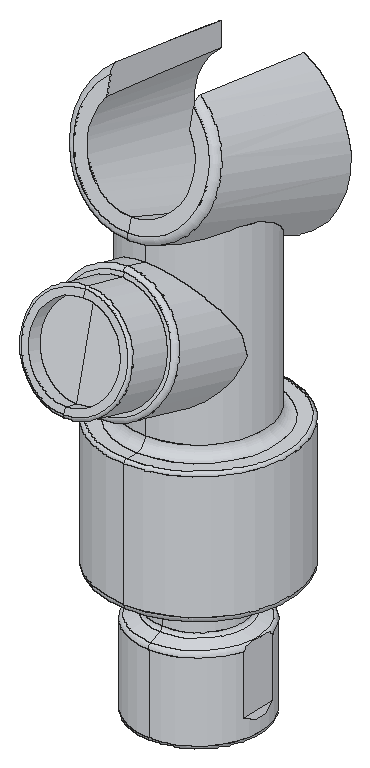
Revit family "Accessory-Handshower_Holder-KOHLER-Awaken-K-98771_1", category Plumbing Fixtures, host Face, Revit 2017
Family settings
  Host = Face
  Round Connector Dimension = Use Diameter
  Part Type = Normal
  OmniClass Number = 23.31.17.00
  OmniClass Title = Showers
  Cut with Voids When Loaded = No
  Shared = No
  Room Calculation Point = No
Parameters (values of type "CP-Polished Chrome")
  Width = 1 3/8"  # constant formula
  WaterSense Certified = 1 = 0  # no
  Waste Water Outlet = "Waste Water Outlet"  # constant formula
  Waste Connection = 1 = 0  # no
  Vent Connection = 1 = 0  # no
  URL = "https://www.us.kohler.com/us/"
  Type = 1
  Tempered Water Inlet = "Tempered Water Inlet"  # constant formula
  Product Page URL = "http://www.us.kohler.com/us/catalog/productDetails.jsp?productId=98771"
  Product Name = "Awaken"  # constant formula
  Product Documentation Link = "https://www.us.kohler.com/webassets/kpna/catalog/pdf/en/K-98771_spec_US-CA_Kohler_en.pdf"
  Pressure = 0.00 psi
  Model = if(Type = 1, "K-98771-CP", if(Type = 2, "K-98771-BN", if(Type = 3, "K-98771-2BZ", "NA")))  # "K-98771-CP"
  Material = "Premium Metal Construction"  # constant formula
  Master Format 2014 Name = "Residential Showers"  # constant formula
  Master Format 2014 = "22 42 23"  # constant formula
  Manufacturer Address = "444 Highland Dr, Kohler, WI 53044"  # constant formula
  Manufacturer = "KOHLER Co."  # constant formula
  Length = 4 3/8"  # constant formula
  Hot Water Inlet = "Hot Water Inlet"  # constant formula
  Height = 1 3/8"  # constant formula
  HW Connection = 1 = 1  # yes
  Flow Rate = 0 GPM
  Finish = Kohler-Metal-CP-Polished_Chrome
  Environmental Product Declaration = ""
  Drain Included = 1 = 0  # no
  Description = "Handshower cradle"  # constant formula
  Default Elevation = 42"
  Declare Label = ""
  Date Modified = "07/07/2020"  # constant formula
  Date Created = "07/07/2020"  # constant formula
  Copyright = "Copyright KOHLER Co."  # constant formula
  Contact Us = "https://www.us.kohler.com/us/static/contact.jsp"
  Cold Water Inlet = "Cold Water Inlet"  # constant formula
  CW Connection = 1 = 0  # no
  Assembly Code = "D2010700"
  ADA Compliant = 1 = 0  # no
Types (4): name | Type | Model | Finish
  (no name) | 1 | "K-98771-CP" | Kohler-Metal-CP-Polished_Chrome
  CP-Polished Chrome | 1 | "K-98771-CP" | Kohler-Metal-CP-Polished_Chrome
  BN-Vibrant Brushed Nickel | 2 | "K-98771-BN" | Kohler-Metal-BN-Vibrant_Brushed_Nickel
  2BZ-Oil Rubbed Bronze | 3 | "K-98771-2BZ" | Kohler-Metal-2BZ-Oil_Rubbed_Bronze
Reference planes (in)
  plane 1 "Center (Front/Back)": y = 0
  plane 2: z = 0
  plane 3 "Center (Left/Right)": x = 0
  plane 4: y = 0.6875
  plane 5: x = -0.3097
  plane 6: x = 0.3097
  plane 7: y = 0.59
  plane 8: x = -0.6875
  plane 9: x = 0.6875
  plane 10: y = -0.6875
  plane 11: y = -1.24677
  plane 12: z = 4.375
  plane 13: through (0, -1.29249, 1.08768) normal (0, 0.9659, -0.2588)
  plane 14: through (0, 0.6875, 3.55345) normal (0, 0.2588, 0.9659)
  plane 15: through (0, -1.29249, 2.34217) normal (0, 0.9659, -0.2588)
  plane 16: through (0, 0.6875, 2.28971) normal (0, 0.309, 0.9511)
  plane 17: z = 0
Dimensions and locks (in)
  "Width": plane 8 to plane 9
  "Height": plane 4 to plane 10
  "Length": plane 17 to plane 12
  aligned and locked: plane 2 to host face
  aligned and locked: level to host face
  aligned and locked: plane 3 "Center (Left/Right)" to nested 1
Automatic sketch dimensions
  host sketch curve to host sketch curve = 96"  (x2)
Nested families (in)
  nested 1: "K-98771" at (0, 0, 0), type "K-98771"
Connectors (in)
  piping at (0, 0, 0), diameter 0.5, driven by "Flow Rate", driven by "HW Connection", driven by "Tempered Water Inlet"
    settings: on nested 1, index 1, connector inside diameter 24", connector length 0", flow factor 0, pipe flow 0 GPM, pressure drop 0.00 psi, fitting loss kfactor 0, connector angle 0.00°, fixture units 0, engagement length 0", angle of deflection 0.00°, flow configuration 0, flow direction 1, fitting loss method 0, system type 19, joint type 0, gender type 0, connector reference index -1, connector utility 1, adjustable connector no, is connector primary yes, connector description "Tempered Water Inlet"
Definition of nested family "K-98771"
  Parameters (values of type "K-98771")
    Material = none
  Reference planes (in)
    plane 1 "Center (Front/Back)": y = 0
    plane 2: z = 0
    plane 3 "Center (Left/Right)": x = 0
    plane 4: z = 4.375
    plane 5: x = -0.6875
    plane 6: x = 0.6875
    plane 7: y = 0.6875
    plane 8: y = -0.6875
    plane 9: z = 0.96272
    plane 10: y = -1.24677
    plane 11: through (0, -1.14685, 2.88572) normal (0, -0.309, -0.9511)
    plane 12: through (0, -1.04684, 3.25896) normal (0, -0.9659, 0.2588)
    plane 13 "A": through (0, -0.42042, 4.34229) normal (0, -0.9659, 0.2588)
    plane 14: through (0, -0.54341, 3.88328) normal (0, -0.2588, -0.9659)
    plane 15: y = 0.59
    plane 16: through (0, 0.09134, 4.30762) normal (0, 0.1476, 0.989)
    plane 17: x = 0.3097
    plane 18: x = -0.3097
    plane 19: z = 0
  Forms (in)
    Revolve 1, solid, material <- "Material", detail levels medium+fine
      sketch origin (0, 0, 0) x (0, 1, 0) y (0, 0, 1)
        loop
          arc (0.43584, 0) -> (0.45481, 0.00786) -> (0.46267, 0.02683) r 0.02683
          line (0.46267, 0.02683) -> (0.46267, 0.60937)
          arc (0.46267, 0.60937) -> (0.45608, 0.63109) -> (0.43853, 0.64549) r 0.03909
          line (0.43853, 0.64549) -> (0.35364, 0.68064)
          arc (0.35364, 0.68064) -> (0.34006, 0.69178) -> (0.33496, 0.7086) r 0.03026
          line (0.33496, 0.7086) -> (0.33496, 0.89109)
          arc (0.33496, 0.89109) -> (0.33835, 0.90866) -> (0.34802, 0.9237) r 0.04725
          arc (0.34802, 0.9237) -> (0.36501, 0.94269) -> (0.38075, 0.96272) r 0.39843
          line (0.38075, 0.96272) -> (0.64441, 0.96272)
          arc (0.64441, 0.96272) -> (0.67488, 0.97535) -> (0.6875, 1.00582) r 0.04309
          line (0.6875, 1.00582) -> (0.6875, 1.94123)
          arc (0.6875, 1.94123) -> (0.68121, 1.95643) -> (0.66601, 1.96272) r 0.02149
          line (0.66601, 1.96272) -> (0.56861, 1.96272)
          arc (0.56861, 1.96272) -> (0.51302, 1.98575) -> (0.49, 2.04134) r 0.07861
          line (0.49, 2.04134) -> (0.49, 3.57875) -> (0, 3.57875) -> (0, 0) -> (0.43584, 0)
        axis (0, 0) -> (0, 3.57875)
      angle from 0 to 360
    Revolve 2, solid, material <- "Material", detail levels medium+fine
      sketch origin (0, 0, 0) x (0, 1, 0) y (0, 0, 1)
        loop
          line (-1.23358, 2.56205) -> (-1.24727, 2.51094)
          arc (-1.24727, 2.51094) -> (-1.24527, 2.49576) -> (-1.23312, 2.48643) r 0.02001
          line (-1.23312, 2.48643) -> (-0.91438, 2.40103) -> (-0.92236, 2.37122)
          arc (-0.92236, 2.37122) -> (-0.91906, 2.34612) -> (-0.89898, 2.33071) r 0.03307
          line (-0.89898, 2.33071) -> (-0.1489, 2.12973) -> (-0.02696, 2.58482) -> (-1.04447, 2.85746) -> (-1.13099, 2.53456) -> (-1.23358, 2.56205)
        axis (-1.14706, 2.88495) -> (-0.02696, 2.58482)
      angle from 0 to 360
    Revolve 3, solid, material <- "Material", detail levels medium+fine
      sketch origin (0, -0.125, 0.0625) x (0, 1, 0) y (0, 0, 1)
        loop
          line (-0.27647, 4.35052) -> (-0.30259, 4.25302) -> (1.20941, 4.00131) -> (1.24818, 4.14598) -> (-0.21565, 4.38968)
          arc (-0.21565, 4.38968) -> (-0.25362, 4.38184) -> (-0.27647, 4.35052) r 0.05382
        axis (1.06937, 3.47864) -> (-0.40429, 3.8735)
      angle from 0 to 360
    Extrusion 4, void
      sketch origin (0, 0, -0.0625) x (1, 0, 0) y (0, 0, 1)
        loop
          line (0.3097, 3.99565) -> (0.3097, 4.62761) -> (-0.3097, 4.62761) -> (-0.3097, 3.99565) -> (0.3097, 3.99565)
      from -1.2073 to 0.6875
    Extrusion 5, void
      sketch origin (0, 0, 0) x (0, 1, 0) y (0, 0, 1)
        loop
          line (0.59, 2.7903) -> (1.17366, 2.7903) -> (1.17366, 4.48337) -> (0.59, 4.48337) -> (0.59, 2.7903)
      from -1.06372 to 1.01021
    Sweep 6, void
      path origin (0, 0.03125, 0.42187) x (0, 1, 0) y (0, 0, 1)
        loop
          line (0.55875, 2.61315) -> (-0.68309, 3.0793)
      profile origin (0, -0.03092, 3.2681) x (0, -0.351426, -0.936216) y (1, 0, 0)
        loop
          line (-0.83995, 0.30872) -> (-0.83995, -0.30872)
          spline (-0.83995, -0.30872) -> (-0.77272, -0.37545) -> (-0.69448, -0.42673) -> (-0.60832, -0.46052) -> (-0.51762, -0.47551) -> (-0.42592, -0.47111) -> (-0.33684, -0.44749) -> (-0.25387, -0.40557) -> (-0.18025, -0.34701) -> (-0.11889, -0.2741) -> (-0.07219, -0.1897) -> (-0.04198, -0.09712) -> (-0.02945, 0)
          spline (-0.02945, 0) -> (-0.04198, 0.09712) -> (-0.07219, 0.1897) -> (-0.11889, 0.2741) -> (-0.18025, 0.34701) -> (-0.25387, 0.40557) -> (-0.33684, 0.44749) -> (-0.42592, 0.47111) -> (-0.51762, 0.47551) -> (-0.60832, 0.46052) -> (-0.69448, 0.42673) -> (-0.77272, 0.37545) -> (-0.83995, 0.30872)
    Extrusion 7, void
      sketch origin (0, 0, 0) x (1, 0, 0) y (0, 0, 1)
        loop
          line (-0.44284, 0.17085) -> (-0.44284, 0.67085) -> (-0.47555, 0.67085) -> (-0.47555, 0.08097) -> (-0.44284, 0.17085)
      from -0.2827 to 0.23034
    Extrusion 8, void
      sketch origin (0, 0, 0) x (-1, 0, 0) y (0, 0, -1)
        loop
          line (-0.44284, -0.17085) -> (-0.47555, -0.08097) -> (-0.47555, -0.67085) -> (-0.44284, -0.67085) -> (-0.44284, -0.17085)
      from -0.2827 to 0.23034
    Revolve 9, solid, material <- "Material", detail levels coarse
      sketch origin (0, 0, 0) x (0, 1, 0) y (0, 0, 1)
        loop
          line (0, 3.56785) -> (0, 0) -> (0.46256, 0) -> (0.46256, 0.63563) -> (0.33499, 0.68841) -> (0.33499, 0.91032)
          arc (0.33499, 0.91032) -> (0.35888, 0.93568) -> (0.38085, 0.96272) r 0.47672
          line (0.38085, 0.96272) -> (0.6875, 0.96272) -> (0.6875, 1.96272) -> (0.49, 1.96272) -> (0.49, 3.56785) -> (0, 3.56785)
        axis (0, 0) -> (0, 3.56785)
      angle from 0 to 360
    Revolve 10, solid, material <- "Material", detail levels coarse
      sketch origin (0, 0, 0) x (0, 1, 0) y (0, 0, 1)
        loop
          line (-1.14685, 2.88572) -> (-0.13144, 2.5558) -> (-0.02626, 2.94836) -> (-1.04166, 3.27828) -> (-1.14685, 2.88572)
        axis (-0.13144, 2.5558) -> (-1.16708, 2.89229)
      angle from 0 to 360
    Revolve 11, solid, material <- "Material", detail levels coarse
      sketch origin (0, 0, 0) x (0, 1, 0) y (0, 0, 1)
        loop
          line (-0.39044, 4.45419) -> (-0.43029, 4.30546) -> (1.11692, 3.89089) -> (1.15677, 4.03961) -> (-0.39044, 4.45419)
        axis (1.0038, 3.4687) -> (-0.54341, 3.88328)
      angle from 0 to 360
    Extrusion 12, void
      sketch origin (0, -1.47783, 0.39598) x (0, 0.258819, 0.965926) y (-1, 0, 0)
        loop
          line (3.45176, -0.3097) -> (4.37189, -0.3097) -> (4.37189, 0.3097) -> (3.45176, 0.3097) -> (3.45176, -0.3097)
      from -1.96706 to 0.32469
    Extrusion 13, void
      sketch origin (0, -1.5021, 0.30543) x (0, 0.258819, 0.965926) y (-1, 0, 0)
        loop
          spline (3.28695, -0.25248) -> (3.3072, -0.28925) -> (3.33122, -0.3235) -> (3.35872, -0.35482) -> (3.38936, -0.38284) -> (3.42277, -0.40723) -> (3.45857, -0.42768) -> (3.4963, -0.44396) -> (3.53554, -0.45587) -> (3.57579, -0.46327) -> (3.61659, -0.46606) -> (3.65743, -0.46422) -> (3.69784, -0.45776)
          line (3.69784, -0.45776) -> (3.69784, 0.45776)
          spline (3.69784, 0.45776) -> (3.65743, 0.46422) -> (3.61659, 0.46606) -> (3.57579, 0.46327) -> (3.53554, 0.45587) -> (3.4963, 0.44396) -> (3.45857, 0.42768) -> (3.42277, 0.40723) -> (3.38936, 0.38284) -> (3.35872, 0.35482) -> (3.33122, 0.3235) -> (3.3072, 0.28925) -> (3.28695, 0.25248)
          spline (3.28695, 0.25248) -> (3.26958, 0.21275) -> (3.25522, 0.17174) -> (3.24397, 0.12971) -> (3.23588, 0.08691) -> (3.23101, 0.04358) -> (3.22938, 0) -> (3.23101, -0.04358) -> (3.23588, -0.08691) -> (3.24397, -0.12971) -> (3.25522, -0.17174) -> (3.26958, -0.21275) -> (3.28695, -0.25248)
      from -1.86883 to 0.32469
    Extrusion 14, void
      sketch origin (0, 0, 0) x (0, 1, 0) y (0, 0, 1)
        loop
          line (0.59, 4.21669) -> (0.59, 2.72816) -> (1.32861, 2.72816) -> (1.32861, 4.08646) -> (0.59, 4.21669)
      from -0.67622 to 0.64106
    Extrusion 15, solid, material <- "Material", detail levels medium+fine
      sketch origin (0, 0, 0) x (1, 0, 0) y (0, 1, 0)
        loop
          circle (0, 0) r 0.06107
      from 0 to 0.0674
  Cuts and joins
    Sweep 6, Extrusion 7, Extrusion 8 cuts Revolve 1
    Extrusion 8 cuts Revolve 2
    Extrusion 4, Extrusion 5, Extrusion 8 cuts Revolve 3
    joined: Revolve 1, Revolve 2, Revolve 3
    Extrusion 12, Extrusion 14 cuts Revolve 11
    Extrusion 13 cuts Revolve 9
  Lines and regions (in)
    Masking region 1
      outline origin (0, 0, 0) x (0, 1, 0) y (0, 0, 1)
        loop
          arc (0.43793, 0) -> (0.45535, 0.00721) -> (0.46256, 0.02463) r 0.02463
          line (0.46256, 0.02463) -> (0.46256, 0.61011)
          arc (0.46256, 0.61011) -> (0.45612, 0.63132) -> (0.43898, 0.64538) r 0.03817
          line (0.43898, 0.64538) -> (0.35316, 0.68089)
          arc (0.35316, 0.68089) -> (0.33995, 0.69173) -> (0.33499, 0.70807) r 0.02941
          line (0.33499, 0.70807) -> (0.33499, 0.88873)
          arc (0.33499, 0.88873) -> (0.33869, 0.90822) -> (0.34926, 0.92502) r 0.0533
          arc (0.34926, 0.92502) -> (0.36554, 0.94346) -> (0.38085, 0.96272) r 0.47672
          line (0.38085, 0.96272) -> (0.64495, 0.96272)
          arc (0.64495, 0.96272) -> (0.67504, 0.97519) -> (0.6875, 1.00528) r 0.04255
          line (0.6875, 1.00528) -> (0.6875, 1.942)
          arc (0.6875, 1.942) -> (0.68143, 1.95666) -> (0.66678, 1.96272) r 0.02072
          line (0.66678, 1.96272) -> (0.56968, 1.96272)
          arc (0.56968, 1.96272) -> (0.51334, 1.98606) -> (0.49, 2.0424) r 0.07968
          line (0.49, 2.0424) -> (0.49, 2.76964)
          arc (0.49, 2.76964) -> (0.49858, 2.86889) -> (0.52405, 2.96521) r 0.57862
          arc (0.52405, 2.96521) -> (0.53673, 2.98513) -> (0.55675, 2.99767) r 0.0536
          arc (0.55675, 2.99767) -> (0.58084, 3.01582) -> (0.59, 3.04457) r 0.04971
          line (0.59, 3.04457) -> (0.59, 4.19307)
          arc (0.59, 4.19307) -> (0.57924, 4.22211) -> (0.55216, 4.23712) r 0.04455
          arc (0.55216, 4.23712) -> (0.09134, 4.30664) -> (-0.36971, 4.37468) r 144.92139
          arc (-0.36971, 4.37468) -> (-0.40141, 4.36764) -> (-0.42042, 4.34131) r 0.04567
          line (-0.42042, 4.34131) -> (-0.65686, 3.45893)
          arc (-0.65686, 3.45893) -> (-0.65594, 3.42786) -> (-0.63807, 3.40244) r 0.05408
          arc (-0.63807, 3.40244) -> (-0.62214, 3.39262) -> (-0.6044, 3.38667) r 0.0819
          arc (-0.6044, 3.38667) -> (-0.60221, 3.30572) -> (-0.66385, 3.25318) r 0.0939
          arc (-0.66385, 3.25318) -> (-0.68085, 3.24433) -> (-0.69249, 3.2291) r 0.04403
          line (-0.69249, 3.2291) -> (-0.70359, 3.1877) -> (-1.02203, 3.27302)
          arc (-1.02203, 3.27302) -> (-1.03745, 3.27099) -> (-1.04692, 3.25865) r 0.02033
          line (-1.04692, 3.25865) -> (-1.24677, 2.51279)
          arc (-1.24677, 2.51279) -> (-1.24458, 2.49615) -> (-1.23127, 2.48594) r 0.02193
          line (-1.23127, 2.48594) -> (-0.91438, 2.40103) -> (-0.92357, 2.36416)
          arc (-0.92357, 2.36416) -> (-0.91975, 2.34156) -> (-0.90058, 2.329) r 0.02864
          line (-0.90058, 2.329) -> (-0.66678, 2.27071)
          arc (-0.66678, 2.27071) -> (-0.55858, 2.20213) -> (-0.49, 2.09393) r 0.2929
          line (-0.49, 2.09393) -> (-0.49, 2.0424)
          arc (-0.49, 2.0424) -> (-0.51334, 1.98606) -> (-0.56968, 1.96272) r 0.07968
          line (-0.56968, 1.96272) -> (-0.66678, 1.96272)
          arc (-0.66678, 1.96272) -> (-0.68143, 1.95666) -> (-0.6875, 1.942) r 0.02072
          line (-0.6875, 1.942) -> (-0.6875, 1.00528)
          arc (-0.6875, 1.00528) -> (-0.67504, 0.97519) -> (-0.64495, 0.96272) r 0.04255
          line (-0.64495, 0.96272) -> (-0.38085, 0.96272)
          arc (-0.38085, 0.96272) -> (-0.36554, 0.94346) -> (-0.34926, 0.92502) r 0.47672
          arc (-0.34926, 0.92502) -> (-0.33869, 0.90822) -> (-0.33499, 0.88873) r 0.0533
          line (-0.33499, 0.88873) -> (-0.33499, 0.71148)
          arc (-0.33499, 0.71148) -> (-0.34081, 0.6923) -> (-0.35631, 0.67959) r 0.03451
          line (-0.35631, 0.67959) -> (-0.44066, 0.64469)
          arc (-0.44066, 0.64469) -> (-0.45658, 0.63163) -> (-0.46256, 0.61193) r 0.03545
          line (-0.46256, 0.61193) -> (-0.46256, 0.02257)
          arc (-0.46256, 0.02257) -> (-0.45595, 0.00661) -> (-0.43999, 0) r 0.02257
          line (-0.43999, 0) -> (0.43793, 0)
    Masking region 2
      outline origin (0, 0, 0) x (1, 0, 0) y (0, 0, 1)
        loop
          arc (0.44096, 0) -> (0.45631, 0.00636) -> (0.46267, 0.02171) r 0.02171
          line (0.46267, 0.02171) -> (0.46267, 0.11638) -> (0.44284, 0.17085) -> (0.44284, 0.64323) -> (0.35337, 0.6807)
          arc (0.35337, 0.6807) -> (0.34003, 0.69172) -> (0.33503, 0.70828) r 0.0299
          line (0.33503, 0.70828) -> (0.33503, 0.89244)
          arc (0.33503, 0.89244) -> (0.33803, 0.90796) -> (0.34661, 0.92124) r 0.04158
          arc (0.34661, 0.92124) -> (0.36459, 0.94136) -> (0.38108, 0.96272) r 0.37601
          line (0.38108, 0.96272) -> (0.64393, 0.96272)
          arc (0.64393, 0.96272) -> (0.67474, 0.97549) -> (0.6875, 1.00629) r 0.04357
          line (0.6875, 1.00629) -> (0.6875, 1.94248)
          arc (0.6875, 1.94248) -> (0.68157, 1.95679) -> (0.66725, 1.96272) r 0.02025
          line (0.66725, 1.96272) -> (0.56926, 1.96272)
          arc (0.56926, 1.96272) -> (0.51322, 1.98594) -> (0.49001, 2.04198) r 0.07925
          line (0.49001, 2.04198) -> (0.49001, 2.82732)
          arc (0.49001, 2.82732) -> (0.49453, 3.01013) -> (0.5081, 3.19249) r 3.69391
          arc (0.5081, 3.19249) -> (0.6534, 3.54307) -> (0.58949, 3.91714) r 0.6841
          arc (0.58949, 3.91714) -> (0.51998, 4.1047) -> (0.41455, 4.27469) r 1.0006
          arc (0.41455, 4.27469) -> (0.37527, 4.32337) -> (0.33373, 4.37015) r 1.32601
          arc (0.33373, 4.37015) -> (0.31849, 4.37361) -> (0.3097, 4.3607) r 0.01388
          line (0.3097, 4.3607) -> (0.3097, 4.03452)
          arc (0.3097, 4.03452) -> (0.35346, 3.99525) -> (0.39259, 3.95135) r 0.52746
          spline (0.39259, 3.95135) -> (0.39118, 3.90045) -> (0.38273, 3.85019) -> (0.36739, 3.80147) -> (0.34544, 3.75517) -> (0.31727, 3.71213) -> (0.28339, 3.67312) -> (0.24441, 3.63885) -> (0.20102, 3.60992) -> (0.15402, 3.58686) -> (0.10425, 3.57009) -> (0.0526, 3.5599) -> (0, 3.55648)
          spline (0, 3.55648) -> (-0.0526, 3.5599) -> (-0.10425, 3.57009) -> (-0.15402, 3.58686) -> (-0.20102, 3.60992) -> (-0.24441, 3.63885) -> (-0.28339, 3.67312) -> (-0.31727, 3.71213) -> (-0.34544, 3.75517) -> (-0.36739, 3.80147) -> (-0.38273, 3.85019) -> (-0.39118, 3.90045) -> (-0.39259, 3.95135)
          arc (-0.39259, 3.95135) -> (-0.35346, 3.99525) -> (-0.3097, 4.03452) r 0.52746
          line (-0.3097, 4.03452) -> (-0.3097, 4.3607)
          arc (-0.3097, 4.3607) -> (-0.31849, 4.37361) -> (-0.33373, 4.37015) r 0.01388
          arc (-0.33373, 4.37015) -> (-0.37527, 4.32337) -> (-0.41455, 4.27469) r 1.32601
          arc (-0.41455, 4.27469) -> (-0.51998, 4.1047) -> (-0.58949, 3.91714) r 1.0006
          arc (-0.58949, 3.91714) -> (-0.6534, 3.54307) -> (-0.5081, 3.19249) r 0.6841
          arc (-0.5081, 3.19249) -> (-0.49453, 3.01013) -> (-0.49001, 2.82732) r 3.69391
          line (-0.49001, 2.82732) -> (-0.49001, 2.04198)
          arc (-0.49001, 2.04198) -> (-0.51322, 1.98594) -> (-0.56926, 1.96272) r 0.07925
          line (-0.56926, 1.96272) -> (-0.66725, 1.96272)
          arc (-0.66725, 1.96272) -> (-0.68157, 1.95679) -> (-0.6875, 1.94248) r 0.02025
          line (-0.6875, 1.94248) -> (-0.6875, 1.00629)
          arc (-0.6875, 1.00629) -> (-0.67474, 0.97549) -> (-0.64393, 0.96272) r 0.04357
          line (-0.64393, 0.96272) -> (-0.38108, 0.96272)
          arc (-0.38108, 0.96272) -> (-0.36459, 0.94136) -> (-0.34661, 0.92124) r 0.37601
          arc (-0.34661, 0.92124) -> (-0.33803, 0.90796) -> (-0.33503, 0.89244) r 0.04158
          line (-0.33503, 0.89244) -> (-0.33503, 0.70775)
          arc (-0.33503, 0.70775) -> (-0.3399, 0.69163) -> (-0.35289, 0.68091) r 0.02911
          line (-0.35289, 0.68091) -> (-0.44284, 0.64323) -> (-0.44284, 0.17085) -> (-0.46267, 0.11638) -> (-0.46267, 0.02171)
          arc (-0.46267, 0.02171) -> (-0.45631, 0.00636) -> (-0.44096, 0) r 0.02171
          line (-0.44096, 0) -> (0.44096, 0)
    Masking region 3
      outline origin (0, 0, 0) x (1, 0, 0) y (0, 1, 0)
        loop
          line (-0.35299, 0.59) -> (-0.62954, 0.59)
          arc (-0.62954, 0.59) -> (-0.64691, 0.58229) -> (-0.65284, 0.56423) r 0.02342
          line (-0.65284, 0.56423) -> (-0.62482, 0.28608)
          arc (-0.62482, 0.28608) -> (-0.67165, 0.14643) -> (-0.6875, 0) r 0.68416
          arc (-0.6875, 0) -> (-0.6538, -0.21208) -> (-0.55602, -0.40327) r 0.68416
          line (-0.55602, -0.40327) -> (-0.54844, -0.47534)
          arc (-0.54844, -0.47534) -> (-0.52402, -0.53813) -> (-0.47111, -0.57984) r 0.12808
          line (-0.47111, -0.57984) -> (-0.47111, -0.76806)
          arc (-0.47111, -0.76806) -> (-0.45353, -0.8227) -> (-0.40738, -0.85683) r 0.0937
          line (-0.40738, -0.85683) -> (-0.40738, -1.11784)
          arc (-0.40738, -1.11784) -> (-0.39532, -1.15868) -> (-0.36301, -1.18643) r 0.07519
          arc (-0.36301, -1.18643) -> (-0.18451, -1.23469) -> (0, -1.24677) r 0.93233
          arc (0, -1.24677) -> (0.18451, -1.23469) -> (0.36301, -1.18643) r 0.93233
          arc (0.36301, -1.18643) -> (0.39532, -1.15868) -> (0.40738, -1.11784) r 0.07519
          line (0.40738, -1.11784) -> (0.40738, -0.85683)
          arc (0.40738, -0.85683) -> (0.45353, -0.8227) -> (0.47111, -0.76806) r 0.0937
          line (0.47111, -0.76806) -> (0.47111, -0.57984)
          arc (0.47111, -0.57984) -> (0.52402, -0.53813) -> (0.54844, -0.47534) r 0.12808
          line (0.54844, -0.47534) -> (0.55602, -0.40327)
          arc (0.55602, -0.40327) -> (0.6538, -0.21208) -> (0.6875, 0) r 0.68416
          arc (0.6875, 0) -> (0.67165, 0.14643) -> (0.62482, 0.28608) r 0.68416
          line (0.62482, 0.28608) -> (0.65284, 0.56423)
          arc (0.65284, 0.56423) -> (0.64691, 0.58229) -> (0.62954, 0.59) r 0.02342
          line (0.62954, 0.59) -> (0.35299, 0.59)
          arc (0.35299, 0.59) -> (0.1831, 0.66268) -> (0, 0.6875) r 0.68772
          arc (0, 0.6875) -> (-0.1831, 0.66268) -> (-0.35299, 0.59) r 0.68772
    symbolic lines, detail levels medium+fine
      curve 1: line (0, -0.46267, 0.61193) -> (0, -0.13399, 0.61193)
      curve 2: line (0, 0.13399, 0.17155) -> (0, 0.13399, 0.61233)
      curve 3: line (0, -0.13399, 0.61193) -> (0, -0.13399, 0.17155)
      curve 4: spline (0, -0.13399, 0.17155) -> (0, -0.11564, 0.15563) -> (0, -0.09517, 0.14219) -> (0, -0.07294, 0.13147) -> (0, -0.04939, 0.12366) -> (0, -0.02492, 0.11892) -> (0, 0, 0.11734) -> (0, 0.02492, 0.11892) -> (0, 0.04939, 0.12366) -> (0, 0.07294, 0.13147) -> (0, 0.09517, 0.14219) -> (0, 0.11564, 0.15563) -> (0, 0.13399, 0.17155)
      curve 5: arc (0, 0.13399, 0.61233) -> (0, 0, 0.6478) -> (0, -0.13399, 0.61235) r 0.2709
      curve 6: line (0, -0.13399, 0.17085) -> (0, 0.13399, 0.17085)
      curve 7: line (0, 0.35316, 0.68089) -> (0, -0.35316, 0.68089)
      curve 8: line (0, 0.38085, 0.96272) -> (0, -0.38085, 0.96272)
      curve 9: line (0, 0.34926, 0.92502) -> (0, -0.34926, 0.92502)
      curve 10: line (0, 0.56968, 1.96272) -> (0, -0.56968, 1.96272)
      curve 11: line (0, -0.49, 2.22113) -> (0, -0.49, 3.19665)
      curve 12: line (0, -0.70359, 3.1877) -> (0, -0.91438, 2.40103)
      curve 13: line (0, -0.49, 3.19665) -> (0, -0.68704, 3.24945)
      curve 14: line (0, -0.49, 2.22113) -> (0, -0.64938, 2.26383)
      curve 15: line (0, -0.94507, 3.2524) -> (0, -1.15586, 2.46573)
      curve 16: line (0, -0.86281, 3.23036) -> (0, -1.0736, 2.44369)
      curve 17: line (0, -0.78055, 3.20832) -> (0, -0.99134, 2.42165)
      curve 18: line (0, -1.01952, 3.27444) -> (0, -1.23031, 2.48777)
      curve 19: line (0, 0.46267, 0.61193) -> (0, 0.13399, 0.61193)
      curve 20: line (0.35337, 0, 0.6807) -> (-0.35337, 0, 0.6807)
      curve 21: line (0.44284, 0, 0.64323) -> (-0.44284, 0, 0.64323)
      curve 22: line (0.38075, 0, 0.96272) -> (-0.38108, 0, 0.96272)
      curve 23: line (0.35019, 0, 0.92502) -> (-0.35019, 0, 0.92502)
      curve 24: line (0.56926, 0, 1.96272) -> (-0.56926, 0, 1.96272)
      curve 25: arc (0.58949, 0, 3.91714) -> (0.48196, 0, 4.07717) -> (0.33404, 0, 4.20084) r 0.6841
      curve 26: arc (0.33404, 0, 4.20084) -> (0.31732, 0, 4.20091) -> (0.3097, 0, 4.18603) r 0.01598
      curve 27: arc (0.5081, 0, 3.19249) -> (0, 0, 2.93584) -> (-0.5081, 0, 3.19249) r 0.63128
      curve 28: arc (0.30878, 0, 4.03525) -> (0.48095, 0, 3.45821) -> (0, 0, 3.09583) r 0.52746
      curve 29: arc (0, 0, 3.09583) -> (-0.48095, 0, 3.45821) -> (-0.30878, 0, 4.03525) r 0.52746
      curve 30: arc (0.4657, 0, 3.82828) -> (0.40375, 0, 3.63512) -> (0.25248, 0, 3.49995) r 0.38639
      curve 31: arc (-0.4657, 0, 3.82828) -> (-0.40375, 0, 3.63512) -> (-0.25248, 0, 3.49995) r 0.38639
      curve 32: arc (0.25248, 0, 3.49995) -> (0, 0, 3.44036) -> (-0.25248, 0, 3.49995) r 0.5646
      curve 33: line (-0.47998, 0.59, 0) -> (0.40173, 0.59, 0)
      curve 34: spline (-0.3217, -0.4709, 0) -> (-0.3572, -0.48692, 0) -> (-0.38091, -0.50434, 0) -> (-0.39205, -0.52258, 0) -> (-0.39027, -0.54105, 0) -> (-0.37562, -0.55912, 0) -> (-0.34857, -0.57621, 0) -> (-0.31003, -0.59176, 0) -> (-0.26127, -0.60524, 0) -> (-0.20389, -0.61622, 0) -> (-0.13978, -0.62433, 0) -> (-0.07106, -0.6293, 0) -> (0, -0.63098, 0)
      curve 35: spline (0, -0.63098, 0) -> (0.07106, -0.6293, 0) -> (0.13978, -0.62433, 0) -> (0.20389, -0.61622, 0) -> (0.26127, -0.60524, 0) -> (0.31003, -0.59176, 0) -> (0.34857, -0.57621, 0) -> (0.37562, -0.55912, 0) -> (0.39027, -0.54105, 0) -> (0.39205, -0.52258, 0) -> (0.38091, -0.50434, 0) -> (0.3572, -0.48692, 0) -> (0.3217, -0.4709, 0)
      curve 36: line (-0.3097, 0.56417, 0) -> (-0.3097, -0.43583, 0)
      curve 37: line (0.3097, -0.43583, 0) -> (0.3097, 0.56417, 0)
      curve 38: arc (-0.47111, -0.57984, 0) -> (0, -0.65885, 0) -> (0.47111, -0.57984, 0) r 1.44412
      curve 39: line (-0.62482, 0.28608, 0) -> (-0.55602, -0.40327, 0)
      curve 40: line (0.62482, 0.28608, 0) -> (0.55602, -0.40327, 0)
      curve 41: line (-0.40738, -0.85683, 0) -> (-0.40738, -0.80713, 0)
      curve 42: arc (-0.15197, -0.71121, 0) -> (-0.07608, -0.7055, 0) -> (0, -0.70359, 0) r 1.51822
      curve 43: arc (-0.33148, -0.74781, 0) -> (-0.24265, -0.72498, 0) -> (-0.15197, -0.71121, 0) r 0.90983
      curve 44: arc (-0.38977, -0.77766, 0) -> (-0.36191, -0.76023, 0) -> (-0.33148, -0.74781, 0) r 0.19209
      curve 45: arc (-0.40738, -0.80713, 0) -> (-0.40147, -0.79067, 0) -> (-0.38977, -0.77766, 0) r 0.04542
      curve 46: spline (0, -1.23358, 0) -> (-0.08652, -1.23063, 0) -> (-0.16715, -1.22199, 0) -> (-0.23638, -1.20824, 0) -> (-0.28951, -1.19032, 0) -> (-0.3229, -1.16945, 0) -> (-0.33429, -1.14706, 0) -> (-0.3229, -1.12466, 0) -> (-0.28951, -1.1038, 0) -> (-0.23638, -1.08588, 0) -> (-0.16715, -1.07213, 0) -> (-0.08652, -1.06348, 0) -> (0, -1.06053, 0)
      curve 47: spline (0, -1.06053, 0) -> (0.08652, -1.06348, 0) -> (0.16715, -1.07213, 0) -> (0.23638, -1.08588, 0) -> (0.28951, -1.1038, 0) -> (0.3229, -1.12466, 0) -> (0.33429, -1.14706, 0) -> (0.3229, -1.16945, 0) -> (0.28951, -1.19032, 0) -> (0.23638, -1.20824, 0) -> (0.16715, -1.22199, 0) -> (0.08652, -1.23063, 0) -> (0, -1.23358, 0)
      curve 48: spline (-0.26921, -1.09576, 0) -> (-0.23514, -1.10597, 0) -> (-0.19536, -1.11468, 0) -> (-0.15083, -1.12168, 0) -> (-0.10264, -1.12681, 0) -> (-0.05195, -1.12994, 0) -> (0, -1.13099, 0) -> (0.05195, -1.12994, 0) -> (0.10264, -1.12681, 0) -> (0.15083, -1.12168, 0) -> (0.19536, -1.11468, 0) -> (0.23514, -1.10597, 0) -> (0.26921, -1.09576, 0)
      curve 49: line (0.40738, -0.85683, 0) -> (0.40738, -0.80713, 0)
      curve 50: arc (0.15197, -0.71121, 0) -> (0.07608, -0.7055, 0) -> (0, -0.70359, 0) r 1.51822
      curve 51: arc (0.33148, -0.74781, 0) -> (0.24265, -0.72498, 0) -> (0.15197, -0.71121, 0) r 0.90983
      curve 52: arc (0.38977, -0.77766, 0) -> (0.36191, -0.76023, 0) -> (0.33148, -0.74781, 0) r 0.19209
      curve 53: arc (0.40738, -0.80713, 0) -> (0.40147, -0.79067, 0) -> (0.38977, -0.77766, 0) r 0.04542
      curve 54: arc (-0.40738, -0.8674, 0) -> (0, -0.78407, 0) -> (0.40738, -0.8674, 0) r 1.03754
      curve 55: arc (-0.40738, -0.95281, 0) -> (0, -0.86948, 0) -> (0.40738, -0.95281, 0) r 1.03754
      curve 56: arc (-0.40738, -1.03989, 0) -> (0, -0.95657, 0) -> (0.40738, -1.03989, 0) r 1.03754
      curve 57: arc (-0.40738, -1.11722, 0) -> (-0.00141, -1.03332, 0) -> (0.40479, -1.11611, 0) r 1.03093
      curve 58: arc (-0.3097, -0.43583, 0) -> (-0.31278, -0.45437, 0) -> (-0.3217, -0.4709, 0) r 0.05721
      curve 59: arc (0.3097, -0.43583, 0) -> (0.31278, -0.45437, 0) -> (0.3217, -0.4709, 0) r 0.05721
      curve 60: spline (-0.37583, -0.49963, 0) -> (-0.36156, -0.50978, 0) -> (-0.34321, -0.51947, 0) -> (-0.321, -0.52861, 0) -> (-0.29516, -0.53709, 0) -> (-0.266, -0.54482, 0) -> (-0.23383, -0.55169, 0) -> (-0.19903, -0.55765, 0) -> (-0.16199, -0.56262, 0) -> (-0.12312, -0.56654, 0) -> (-0.08286, -0.56938, 0) -> (-0.04166, -0.57109, 0) -> (0, -0.57166, 0)
      curve 61: spline (0.37583, -0.49963, 0) -> (0.36156, -0.50978, 0) -> (0.34321, -0.51947, 0) -> (0.321, -0.52861, 0) -> (0.29516, -0.53709, 0) -> (0.266, -0.54482, 0) -> (0.23383, -0.55169, 0) -> (0.19903, -0.55765, 0) -> (0.16199, -0.56262, 0) -> (0.12312, -0.56654, 0) -> (0.08286, -0.56938, 0) -> (0.04166, -0.57109, 0) -> (0, -0.57166, 0)
      curve 62: spline (-0.31155, -0.45027, 0) -> (-0.29239, -0.45624, 0) -> (-0.27153, -0.46181, 0) -> (-0.2491, -0.46695, 0) -> (-0.22521, -0.47164, 0) -> (-0.20002, -0.47584, 0) -> (-0.17365, -0.47953, 0) -> (-0.14628, -0.48269, 0) -> (-0.11806, -0.4853, 0) -> (-0.08915, -0.48735, 0) -> (-0.05973, -0.48882, 0) -> (-0.02995, -0.4897, 0) -> (0, -0.49, 0)
      curve 63: spline (0.31155, -0.45027, 0) -> (0.29239, -0.45624, 0) -> (0.27153, -0.46181, 0) -> (0.2491, -0.46695, 0) -> (0.22521, -0.47164, 0) -> (0.20002, -0.47584, 0) -> (0.17365, -0.47953, 0) -> (0.14628, -0.48269, 0) -> (0.11806, -0.4853, 0) -> (0.08915, -0.48735, 0) -> (0.05973, -0.48882, 0) -> (0.02995, -0.4897, 0) -> (0, -0.49, 0)
      curve 64: arc (-0.33286, 0.59, 0) -> (-0.31634, 0.58152, 0) -> (-0.3097, 0.56417, 0) r 0.02599
      curve 65: arc (0.33286, 0.59, 0) -> (0.31634, 0.58152, 0) -> (0.3097, 0.56417, 0) r 0.02599
      curve 66: arc (-0.58949, 0, 3.91714) -> (-0.48196, 0, 4.07717) -> (-0.33404, 0, 4.20084) r 0.6841
      curve 67: arc (-0.33404, 0, 4.20084) -> (-0.31732, 0, 4.20091) -> (-0.3097, 0, 4.18603) r 0.01598
  Dimensions and locks (in)
    plane 4 to level = 4 3/8"
    plane 5 to plane 6 = 1 3/8"
    aligned and locked: plane 2 to level
